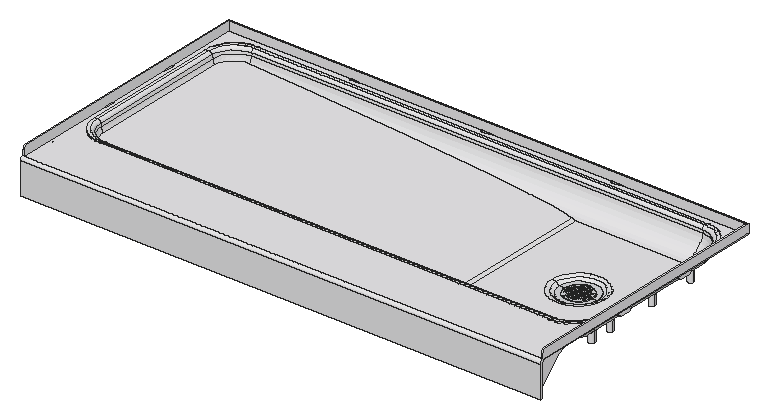
Revit family "Shower-Base-STERLING-Ensemble-72171120_1", category Plumbing Fixtures, host Face, Revit 2017
Family settings
  Host = Face
  Round Connector Dimension = Use Diameter
  Part Type = Normal
  OmniClass Number = 23.31.17.15
  OmniClass Title = Shower Enclosure Bases
  Cut with Voids When Loaded = No
  Shared = No
  Room Calculation Point = No
Parameters (values of type "0-White")
  Width = 30"  # constant formula
  WaterSense Certified = 1 = 0  # no
  Waste Water Outlet = "Waste Water Outlet"  # constant formula
  Waste Connection = 1 = 1  # yes
  Vent Connection = 1 = 0  # no
  URL = "https://www.sterlingplumbing.com/"
  Type = 1
  Product Page URL = "http://www.sterlingplumbing.com/detail?productNumber=72171120"
  Product Name = "Ensemble"  # constant formula
  Product Documentation Link = "https://resources.kohler.com/plumbing/sterling/pdf/72171120_spec.pdf"
  Pressure = 0.00 psi
  Model = if(Type = 1, "72171120-0", if(Type = 2, "72171120-96", "NA"))  # "72171120-0"
  Material = "Vikrell"  # constant formula
  Master Format 2014 Name = "Residential Showers"  # constant formula
  Master Format 2014 = "22 42 23"  # constant formula
  Manufacturer Address = "444 Highland Dr, Kohler, WI 53044"  # constant formula
  Manufacturer = "STERLING Co."  # constant formula
  Length = 60"  # constant formula
  Hot Water Inlet = "Hot Water Inlet"  # constant formula
  Height = 5"  # constant formula
  HW Connection = 1 = 0  # no
  Flow Rate = 0 GPM
  Finish = Sterling-Vikrell-0-White
  Environmental Product Declaration = ""
  Drain Included = 1 = 0  # no
  Description = "Series 7217, 60 inch x 30 inch Shower Base With Right-Hand Drain "  # constant formula
  Default Elevation = 0"
  Declare Label = ""
  Date Modified = "06/25/2020"  # constant formula
  Date Created = "06/25/2020"  # constant formula
  Copyright = "Copyright STERLING Co."  # constant formula
  Contact Us = "https://www.sterlingplumbing.com/contact-us"
  Cold Water Inlet = "Cold Water Inlet"  # constant formula
  CW Connection = 1 = 0  # no
  Assembly Code = "D2010700"
  ADA Compliant = 1 = 0  # no
Reference planes (in)
  plane 1 "Center (Front/Back)": y = 0
  plane 2: z = 0
  plane 3 "Center (Left/Right)": x = 0
  plane 4: y = 15
  plane 5: y = -15
  plane 6: x = -30
  plane 7: x = 30
  plane 8: z = 4
  plane 9: z = 5
  plane 10: x = 21.5
  plane 11: y = 1.125
Dimensions and locks (in)
  "Width": plane 4 to plane 5
  "Length": plane 6 to plane 7
  locked: plane 8 to level at 4
  "Height": plane 9 to level
  locked: plane 7 to plane 10 at 8.5
  locked: plane 4 to plane 11 at 13.875
  aligned and locked: plane 2 to host face
  aligned and locked: level to host face
Automatic sketch dimensions
  host sketch curve to host sketch curve = 96"  (x2)
Nested families (in)
  nested 1: "72171120" at (0, 1.16372, 0), type "72171120"
Connectors (in)
  piping at (21.5, 1.125, 0.12547), diameter 2, driven by "Waste Connection", driven by "Waste Water Outlet"
    settings: on nested 1, index 1, connector inside diameter 24", connector length 0", flow factor 0, pipe flow 0 GPM, pressure drop 0.00 psi, fitting loss kfactor 0, connector angle 0.00°, fixture units 0, engagement length 0", angle of deflection 0.00°, flow configuration 0, flow direction 2, fitting loss method 0, system type 16, joint type 0, gender type 0, connector reference index -1, connector utility 1, adjustable connector no, is connector primary yes, connector description "Waste Water Outlet"
Definition of nested family "72171120"
  Parameters (values of type "72171120")
    Material = none
  Reference planes (in)
    plane 1 "Center (Front/Back)": y = 0
    plane 2: z = 0
    plane 3 "Center (Left/Right)": x = 0
    plane 4: z = 5
    plane 5: x = -30
    plane 6: x = 30
    plane 7: y = 13.83628
    plane 8: y = -16.16372
    plane 9: x = 21.5
    plane 10: z = 4
    plane 11 "A": y = -0.03872
    plane 12: y = -1.16372
  Forms (in)
    Sweep 1, solid, material <- "Material", detail levels medium+fine
      path origin (0, 0, 0) x (1, 0, 0) y (0, 1, 0)
        loop
          line (30, -15.73129) -> (30, 13.83628) -> (-30, 13.83628) -> (-30, -15.85153)
      profile origin (0, 13.83628, 0) x (0, 1, 0) y (0, 0, 1)
        loop
          line (0, 3.97541) -> (0, 5) -> (-0.14645, 5) -> (-0.18146, 4) -> (-0.43146, 4) -> (-0.43146, 3.83479) -> (-0.14063, 3.83479)
          arc (-0.14063, 3.83479) -> (-0.04119, 3.87598) -> (0, 3.97541) r 0.14063
    Sweep 2, solid, material <- "Material", detail levels medium+fine
      path origin (0, 0, 0) x (1, 0, 0) y (0, 1, 0)
        loop
          arc (-28.89925, -6.36795) -> (-28.04985, -8.41856) -> (-25.99925, -9.26795) r 2.9
          line (-25.99925, -9.26795) -> (25.98884, -9.26795)
          arc (25.98884, -9.26795) -> (28.03945, -8.41856) -> (28.88884, -6.36795) r 2.9
          line (28.88884, -6.36795) -> (28.88884, 9.70554)
          arc (28.88884, 9.70554) -> (28.03945, 11.75615) -> (25.98884, 12.60554) r 2.9
          line (25.98884, 12.60554) -> (-25.99925, 12.60554)
          arc (-25.99925, 12.60554) -> (-28.04985, 11.75615) -> (-28.89925, 9.70554) r 2.9
          line (-28.89925, 9.70554) -> (-28.89925, -6.36795)
      profile origin (-28.89925, 1.6688, 0) x (-1, 0, 0) y (0, 0, 1)
        loop
          line (0.4232, 4) -> (0.38324, 4)
          arc (0.38324, 4) -> (0.36519, 3.99977) -> (0.34715, 3.99909) r 0.71208
          line (0.34715, 3.99909) -> (0.02333, 3.98265)
          arc (0.02333, 3.98265) -> (-0.20829, 3.88824) -> (-0.33061, 3.67006) r 0.37891
          line (-0.33061, 3.67006) -> (-0.38519, 3.36063)
          arc (-0.38519, 3.36063) -> (-1.24028, 1.87975) -> (-2.84718, 1.29492) r 2.5
          line (-2.84718, 1.29492) -> (-2.8815, 1.29492) -> (-2.8815, 1.11914) -> (-2.7, 1.11914)
          arc (-2.7, 1.11914) -> (-1.09196, 1.70493) -> (-0.23749, 3.18778) r 2.5
          line (-0.23749, 3.18778) -> (-0.15973, 3.63171)
          arc (-0.15973, 3.63171) -> (-0.08664, 3.76235) -> (0.05195, 3.81889) r 0.22656
          line (0.05195, 3.81889) -> (0.34559, 3.83379)
          arc (0.34559, 3.83379) -> (0.36519, 3.83454) -> (0.3848, 3.83479) r 0.77359
          line (0.3848, 3.83479) -> (0.4232, 3.83479) -> (0.4232, 4)
    Extrusion 3, solid, material <- "Material", detail levels medium+fine
      sketch origin (0, 0, 0) x (1, 0, 0) y (0, 1, 0)
        loop
          line (29.56854, 13.40482) -> (-29.56854, 13.40482) -> (-29.56854, -15.73129) -> (29.56854, -15.73129) -> (29.56854, 13.40482)
        loop
          line (25.98884, 13.02875) -> (-25.99925, 13.02875)
          arc (-25.99925, 13.02875) -> (-28.34911, 12.0554) -> (-29.32245, 9.70554) r 3.3232
          line (-29.32245, 9.70554) -> (-29.32245, -6.36795)
          arc (-29.32245, -6.36795) -> (-28.34911, -8.71781) -> (-25.99925, -9.69115) r 3.3232
          line (-25.99925, -9.69115) -> (25.98884, -9.69115)
          arc (25.98884, -9.69115) -> (28.3387, -8.71781) -> (29.31204, -6.36795) r 3.3232
          line (29.31204, -6.36795) -> (29.31204, 9.70554)
          arc (29.31204, 9.70554) -> (28.3387, 12.0554) -> (25.98884, 13.02875) r 3.3232
      from 3.83479 to 4
    Extrusion 4, solid, material <- "Material", detail levels medium+fine
      sketch origin (0, 0, 0) x (1, 0, 0) y (0, 0, 1)
        loop
          line (-28.65763, 2.77832) -> (-28.65763, 1.18449) -> (13.3306, 1.18449) -> (13.3306, 1.29492)
          arc (13.3306, 1.29492) -> (13.05316, 1.29738) -> (12.7758, 1.30478) r 15.60985
          line (12.7758, 1.30478) -> (-28.65763, 2.77832)
      from -12.49045 to 12.42499
    Extrusion 5, solid, material <- "Material", detail levels medium+fine
      sketch origin (0, 0, 0) x (1, 0, 0) y (0, 1, 0)
        loop
          line (-26.01774, 9.72404) -> (-26.01774, -6.38645) -> (26.00734, -6.38645) -> (26.00734, 9.72404) -> (-26.01774, 9.72404)
      from 1.11914 to 1.29492
    Sweep 6, void
      path origin (0, 0, 0) x (1, 0, 0) y (0, 1, 0)
        loop
          arc (-28.89925, -6.36795) -> (-28.04985, -8.41856) -> (-25.99925, -9.26795) r 2.9
          line (-25.99925, -9.26795) -> (25.98884, -9.26795)
          arc (25.98884, -9.26795) -> (28.03945, -8.41856) -> (28.88884, -6.36795) r 2.9
          line (28.88884, -6.36795) -> (28.88884, 9.70554)
          arc (28.88884, 9.70554) -> (28.03945, 11.75615) -> (25.98884, 12.60554) r 2.9
          line (25.98884, 12.60554) -> (-25.99925, 12.60554)
          arc (-25.99925, 12.60554) -> (-28.04985, 11.75615) -> (-28.89925, 9.70554) r 2.9
          line (-28.89925, 9.70554) -> (-28.89925, -6.36795)
      profile origin (-28.89925, 1.6688, 0) x (-1, 0, 0) y (0, 0, 1)
        loop
          line (-2.34361, 1.18449) -> (1.0625, 1.18449) -> (1.0625, 2.97391) -> (-0.28853, 2.97391)
          arc (-0.28853, 2.97391) -> (-1.08753, 1.81672) -> (-2.34361, 1.18449) r 2.84095
    Extrusion 7, solid, material <- "Material", detail levels medium+fine
      sketch origin (0, 0, 0) x (0, 1, 0) y (0, 0, 1)
        loop
          line (-15.73129, 4) -> (-15.76203, 4)
          arc (-15.76203, 4) -> (-16.04607, 3.88235) -> (-16.16372, 3.59831) r 0.40169
          line (-16.16372, 3.59831) -> (-16.16372, 0) -> (-15.99966, 0) -> (-15.99966, 3.60908)
          arc (-15.99966, 3.60908) -> (-15.93355, 3.76868) -> (-15.77395, 3.83479) r 0.22571
          line (-15.77395, 3.83479) -> (-15.73129, 3.83479) -> (-15.73129, 4)
      from -30 to 30
    Extrusion 8, void
      sketch origin (0, 0, 0) x (0, 1, 0) y (0, 0, 1)
        loop
          line (-15.73129, 3.98869) -> (-15.73129, 4.58714)
          arc (-15.73129, 4.58714) -> (-15.61036, 4.87908) -> (-15.31843, 5) r 0.41286
          line (-15.31843, 5) -> (-15.31843, 5.25) -> (-15.98309, 5.25) -> (-15.98309, 3.98869) -> (-15.73129, 3.98869)
      from -30.20558 to -29.56854
    Extrusion 9, void
      sketch origin (0, 0, 0) x (0, 1, 0) y (0, 0, -1)
        loop
          line (-15.73129, -4) -> (-15.98309, -4) -> (-15.98309, -5.25) -> (-15.31843, -5.25) -> (-15.31843, -5)
          arc (-15.31843, -5) -> (-15.61036, -4.87908) -> (-15.73129, -4.58714) r 0.41286
          line (-15.73129, -4.58714) -> (-15.73129, -4)
      from -30.20558 to -29.56854
    Revolve 10, solid, detail levels medium+fine
      sketch origin (0, -0.03872, 0) x (-1, 0, 0) y (0, 0, 1)
        loop
          line (-21.5, 0.9598) -> (-21.5, 0.9098) -> (-19.922, 0.9098) -> (-19.922, 0.9598) -> (-21.5, 0.9598)
        loop
          line (-19.90625, 0.6432) -> (-21.5, 0.6432) -> (-21.5, 0.61108) -> (-19.85241, 0.61108) -> (-19.85241, 0.82149) -> (-19.30469, 0.92796) -> (-19.30469, 0.9598) -> (-19.90625, 0.9598) -> (-19.90625, 0.6432)
        axis (-21.5, 0.9598) -> (-21.5, 0.61108)
      angle from 0 to 360
    Revolve 11, solid, material <- "Material", detail levels medium+fine
      sketch origin (0, -0.03872, 0) x (-1, 0, 0) y (0, 0, 1)
        loop
          line (-19.90698, 0) -> (-19.90698, 0.28027) -> (-19.42268, 0.28027)
          arc (-19.42268, 0.28027) -> (-19.34362, 0.29599) -> (-19.2766, 0.34078) r 0.20659
          line (-19.2766, 0.34078) -> (-19.11646, 0.50091)
          arc (-19.11646, 0.50091) -> (-19.08108, 0.52455) -> (-19.03934, 0.53286) r 0.10906
          line (-19.03934, 0.53286) -> (-18.8925, 0.53286)
          arc (-18.8925, 0.53286) -> (-18.85224, 0.54851) -> (-18.83313, 0.58726) r 0.05959
          line (-18.83313, 0.58726) -> (-18.79668, 1.0039)
          arc (-18.79668, 1.0039) -> (-18.7562, 1.08597) -> (-18.67092, 1.11914) r 0.12624
          line (-18.67092, 1.11914) -> (-21.5, 1.11914) -> (-21.5, 0.12547) -> (-20.5, 0.12547) -> (-20.5, 0) -> (-19.90698, 0)
        axis (-21.5, 1.11914) -> (-21.5, 0)
      angle from 0 to 360
    Revolve 12, void
      sketch origin (0, -0.03872, 0) x (-1, 0, 0) y (0, 0, 1)
        loop
          line (-21.5, 0.54492) -> (-20.19802, 0.54492)
          arc (-20.19802, 0.54492) -> (-19.9431, 0.57961) -> (-19.70672, 0.68117) r 0.95391
          line (-19.70672, 0.68117) -> (-18.90008, 1.16584)
          arc (-18.90008, 1.16584) -> (-18.67615, 1.26205) -> (-18.43466, 1.29492) r 0.90367
          line (-18.43466, 1.29492) -> (-21.5, 1.29492) -> (-21.5, 0.54492)
        axis (-21.5, 0.54492) -> (-21.5, 1.29492)
      angle from 0 to 360
    Extrusion 13, void
      sketch origin (0, 0, 0) x (1, 0, 0) y (0, 1, 0)
        loop
          arc (21.3, 0.30503) -> (21.31464, 0.26968) -> (21.35, 0.25503) r 0.05
          line (21.35, 0.25503) -> (21.65, 0.25503)
          arc (21.65, 0.25503) -> (21.68536, 0.26968) -> (21.7, 0.30503) r 0.05
          line (21.7, 0.30503) -> (21.7, 0.61103)
          arc (21.7, 0.61103) -> (21.68536, 0.64639) -> (21.65, 0.66103) r 0.05
          line (21.65, 0.66103) -> (21.35, 0.66103)
          arc (21.35, 0.66103) -> (21.31464, 0.64639) -> (21.3, 0.61103) r 0.05
          line (21.3, 0.61103) -> (21.3, 0.30503)
        loop
          arc (21.3, -0.19172) -> (21.31464, -0.22707) -> (21.35, -0.24172) r 0.05
          line (21.35, -0.24172) -> (21.65, -0.24172)
          arc (21.65, -0.24172) -> (21.68536, -0.22707) -> (21.7, -0.19172) r 0.05
          line (21.7, -0.19172) -> (21.7, 0.11428)
          arc (21.7, 0.11428) -> (21.68536, 0.14964) -> (21.65, 0.16428) r 0.05
          line (21.65, 0.16428) -> (21.35, 0.16428)
          arc (21.35, 0.16428) -> (21.31464, 0.14964) -> (21.3, 0.11428) r 0.05
          line (21.3, 0.11428) -> (21.3, -0.19172)
        loop
          arc (21.844, 0.66103) -> (21.80864, 0.64639) -> (21.794, 0.61103) r 0.05
          line (21.794, 0.61103) -> (21.794, 0.30503)
          arc (21.794, 0.30503) -> (21.80864, 0.26968) -> (21.844, 0.25503) r 0.05
          line (21.844, 0.25503) -> (22.15, 0.25503)
          arc (22.15, 0.25503) -> (22.18536, 0.26968) -> (22.2, 0.30503) r 0.05
          line (22.2, 0.30503) -> (22.2, 0.61103)
          arc (22.2, 0.61103) -> (22.18536, 0.64639) -> (22.15, 0.66103) r 0.05
          line (22.15, 0.66103) -> (21.844, 0.66103)
        loop
          arc (22.15, 0.75478) -> (22.18536, 0.76943) -> (22.2, 0.80478) r 0.05
          line (22.2, 0.80478) -> (22.2, 1.11103)
          arc (22.2, 1.11103) -> (22.18536, 1.14639) -> (22.15, 1.16103) r 0.05
          line (22.15, 1.16103) -> (21.84375, 1.16103)
          arc (21.84375, 1.16103) -> (21.80839, 1.14639) -> (21.79375, 1.11103) r 0.05
          line (21.79375, 1.11103) -> (21.79375, 0.80478)
          arc (21.79375, 0.80478) -> (21.80839, 0.76943) -> (21.84375, 0.75478) r 0.05
          line (21.84375, 0.75478) -> (22.15, 0.75478)
        loop
          line (21.156, 0.66103) -> (20.85, 0.66103)
          arc (20.85, 0.66103) -> (20.81464, 0.64639) -> (20.8, 0.61103) r 0.05
          line (20.8, 0.61103) -> (20.8, 0.30503)
          arc (20.8, 0.30503) -> (20.81464, 0.26968) -> (20.85, 0.25503) r 0.05
          line (20.85, 0.25503) -> (21.156, 0.25503)
          arc (21.156, 0.25503) -> (21.19136, 0.26968) -> (21.206, 0.30503) r 0.05
          line (21.206, 0.30503) -> (21.206, 0.61103)
          arc (21.206, 0.61103) -> (21.19136, 0.64639) -> (21.156, 0.66103) r 0.05
        loop
          line (20.85, 0.75478) -> (21.15625, 0.75478)
          arc (21.15625, 0.75478) -> (21.19161, 0.76943) -> (21.20625, 0.80478) r 0.05
          line (21.20625, 0.80478) -> (21.20625, 1.11103)
          arc (21.20625, 1.11103) -> (21.19161, 1.14639) -> (21.15625, 1.16103) r 0.05
          line (21.15625, 1.16103) -> (20.85, 1.16103)
          arc (20.85, 1.16103) -> (20.81464, 1.14639) -> (20.8, 1.11103) r 0.05
          line (20.8, 1.11103) -> (20.8, 0.80478)
          arc (20.8, 0.80478) -> (20.81464, 0.76943) -> (20.85, 0.75478) r 0.05
        loop
          arc (21.844, 0.16428) -> (21.80864, 0.14964) -> (21.794, 0.11428) r 0.05
          line (21.794, 0.11428) -> (21.794, -0.19172)
          arc (21.794, -0.19172) -> (21.80864, -0.22707) -> (21.844, -0.24172) r 0.05
          line (21.844, -0.24172) -> (22.15, -0.24172)
          arc (22.15, -0.24172) -> (22.18536, -0.22707) -> (22.2, -0.19172) r 0.05
          line (22.2, -0.19172) -> (22.2, 0.11428)
          arc (22.2, 0.11428) -> (22.18536, 0.14964) -> (22.15, 0.16428) r 0.05
          line (22.15, 0.16428) -> (21.844, 0.16428)
        loop
          line (21.156, 0.16428) -> (20.85, 0.16428)
          arc (20.85, 0.16428) -> (20.81464, 0.14964) -> (20.8, 0.11428) r 0.05
          line (20.8, 0.11428) -> (20.8, -0.19172)
          arc (20.8, -0.19172) -> (20.81464, -0.22707) -> (20.85, -0.24172) r 0.05
          line (20.85, -0.24172) -> (21.156, -0.24172)
          arc (21.156, -0.24172) -> (21.19136, -0.22707) -> (21.206, -0.19172) r 0.05
          line (21.206, -0.19172) -> (21.206, 0.11428)
          arc (21.206, 0.11428) -> (21.19136, 0.14964) -> (21.156, 0.16428) r 0.05
        loop
          line (21.3, -0.38247) -> (21.3, -0.68847)
          arc (21.3, -0.68847) -> (21.31464, -0.72382) -> (21.35, -0.73847) r 0.05
          line (21.35, -0.73847) -> (21.65, -0.73847)
          arc (21.65, -0.73847) -> (21.68536, -0.72382) -> (21.7, -0.68847) r 0.05
          line (21.7, -0.68847) -> (21.7, -0.38247)
          arc (21.7, -0.38247) -> (21.68536, -0.34711) -> (21.65, -0.33247) r 0.05
          line (21.65, -0.33247) -> (21.35, -0.33247)
          arc (21.35, -0.33247) -> (21.31464, -0.34711) -> (21.3, -0.38247) r 0.05
        loop
          line (21.844, -0.73847) -> (22.15, -0.73847)
          arc (22.15, -0.73847) -> (22.18536, -0.72382) -> (22.2, -0.68847) r 0.05
          line (22.2, -0.68847) -> (22.2, -0.38247)
          arc (22.2, -0.38247) -> (22.18536, -0.34711) -> (22.15, -0.33247) r 0.05
          line (22.15, -0.33247) -> (21.844, -0.33247)
          arc (21.844, -0.33247) -> (21.80864, -0.34711) -> (21.794, -0.38247) r 0.05
          line (21.794, -0.38247) -> (21.794, -0.68847)
          arc (21.794, -0.68847) -> (21.80864, -0.72382) -> (21.844, -0.73847) r 0.05
        loop
          line (22.15, -0.83222) -> (21.84375, -0.83222)
          arc (21.84375, -0.83222) -> (21.80839, -0.84686) -> (21.79375, -0.88222) r 0.05
          line (21.79375, -0.88222) -> (21.79375, -1.18847)
          arc (21.79375, -1.18847) -> (21.80839, -1.22382) -> (21.84375, -1.23847) r 0.05
          line (21.84375, -1.23847) -> (22.15, -1.23847)
          arc (22.15, -1.23847) -> (22.18536, -1.22382) -> (22.2, -1.18847) r 0.05
          line (22.2, -1.18847) -> (22.2, -0.88222)
          arc (22.2, -0.88222) -> (22.18536, -0.84686) -> (22.15, -0.83222) r 0.05
        loop
          arc (21.156, -0.73847) -> (21.19136, -0.72382) -> (21.206, -0.68847) r 0.05
          line (21.206, -0.68847) -> (21.206, -0.38247)
          arc (21.206, -0.38247) -> (21.19136, -0.34711) -> (21.156, -0.33247) r 0.05
          line (21.156, -0.33247) -> (20.85, -0.33247)
          arc (20.85, -0.33247) -> (20.81464, -0.34711) -> (20.8, -0.38247) r 0.05
          line (20.8, -0.38247) -> (20.8, -0.68847)
          arc (20.8, -0.68847) -> (20.81464, -0.72382) -> (20.85, -0.73847) r 0.05
          line (20.85, -0.73847) -> (21.156, -0.73847)
        loop
          arc (20.85, -0.83222) -> (20.81464, -0.84686) -> (20.8, -0.88222) r 0.05
          line (20.8, -0.88222) -> (20.8, -1.18847)
          arc (20.8, -1.18847) -> (20.81464, -1.22382) -> (20.85, -1.23847) r 0.05
          line (20.85, -1.23847) -> (21.15625, -1.23847)
          arc (21.15625, -1.23847) -> (21.19161, -1.22382) -> (21.20625, -1.18847) r 0.05
          line (21.20625, -1.18847) -> (21.20625, -0.88222)
          arc (21.20625, -0.88222) -> (21.19161, -0.84686) -> (21.15625, -0.83222) r 0.05
          line (21.15625, -0.83222) -> (20.85, -0.83222)
        loop
          arc (20.65625, 0.25503) -> (20.69161, 0.26968) -> (20.70625, 0.30503) r 0.05
          line (20.70625, 0.30503) -> (20.70625, 0.61103)
          arc (20.70625, 0.61103) -> (20.69161, 0.64639) -> (20.65625, 0.66103) r 0.05
          line (20.65625, 0.66103) -> (20.35025, 0.66103)
          arc (20.35025, 0.66103) -> (20.31489, 0.64639) -> (20.30025, 0.61103) r 0.05
          line (20.30025, 0.61103) -> (20.30025, 0.30503)
          arc (20.30025, 0.30503) -> (20.31489, 0.26968) -> (20.35025, 0.25503) r 0.05
          line (20.35025, 0.25503) -> (20.65625, 0.25503)
        loop
          line (20.65625, -0.33247) -> (20.35025, -0.33247)
          arc (20.35025, -0.33247) -> (20.31489, -0.34711) -> (20.30025, -0.38247) r 0.05
          line (20.30025, -0.38247) -> (20.30025, -0.68847)
          arc (20.30025, -0.68847) -> (20.31489, -0.72382) -> (20.35025, -0.73847) r 0.05
          line (20.35025, -0.73847) -> (20.65625, -0.73847)
          arc (20.65625, -0.73847) -> (20.69161, -0.72382) -> (20.70625, -0.68847) r 0.05
          line (20.70625, -0.68847) -> (20.70625, -0.38247)
          arc (20.70625, -0.38247) -> (20.69161, -0.34711) -> (20.65625, -0.33247) r 0.05
        loop
          line (22.34375, 0.25503) -> (22.64975, 0.25503)
          arc (22.64975, 0.25503) -> (22.68511, 0.26968) -> (22.69975, 0.30503) r 0.05
          line (22.69975, 0.30503) -> (22.69975, 0.61103)
          arc (22.69975, 0.61103) -> (22.68511, 0.64639) -> (22.64975, 0.66103) r 0.05
          line (22.64975, 0.66103) -> (22.34375, 0.66103)
          arc (22.34375, 0.66103) -> (22.30839, 0.64639) -> (22.29375, 0.61103) r 0.05
          line (22.29375, 0.61103) -> (22.29375, 0.30503)
          arc (22.29375, 0.30503) -> (22.30839, 0.26968) -> (22.34375, 0.25503) r 0.05
        loop
          arc (22.34375, -0.33247) -> (22.30839, -0.34711) -> (22.29375, -0.38247) r 0.05
          line (22.29375, -0.38247) -> (22.29375, -0.68847)
          arc (22.29375, -0.68847) -> (22.30839, -0.72382) -> (22.34375, -0.73847) r 0.05
          line (22.34375, -0.73847) -> (22.64975, -0.73847)
          arc (22.64975, -0.73847) -> (22.68511, -0.72382) -> (22.69975, -0.68847) r 0.05
          line (22.69975, -0.68847) -> (22.69975, -0.38247)
          arc (22.69975, -0.38247) -> (22.68511, -0.34711) -> (22.64975, -0.33247) r 0.05
          line (22.64975, -0.33247) -> (22.34375, -0.33247)
        loop
          arc (21.7, 1.11103) -> (21.67787, 1.15404) -> (21.63, 1.16103) r 0.05286
          line (21.63, 1.16103) -> (21.63, 1.41103) -> (21.37, 1.41103) -> (21.37, 1.16103)
          arc (21.37, 1.16103) -> (21.32213, 1.15404) -> (21.3, 1.11103) r 0.05286
          line (21.3, 1.11103) -> (21.3, 0.80103)
          arc (21.3, 0.80103) -> (21.31464, 0.76568) -> (21.35, 0.75103) r 0.05
          line (21.35, 0.75103) -> (21.65, 0.75103)
          arc (21.65, 0.75103) -> (21.68536, 0.76568) -> (21.7, 0.80103) r 0.05
          line (21.7, 0.80103) -> (21.7, 1.11103)
        loop
          line (21.7, -1.18847) -> (21.7, -0.87847)
          arc (21.7, -0.87847) -> (21.68536, -0.84311) -> (21.65, -0.82847) r 0.05
          line (21.65, -0.82847) -> (21.35, -0.82847)
          arc (21.35, -0.82847) -> (21.31464, -0.84311) -> (21.3, -0.87847) r 0.05
          line (21.3, -0.87847) -> (21.3, -1.18847)
          arc (21.3, -1.18847) -> (21.32213, -1.23148) -> (21.37, -1.23847) r 0.05286
          line (21.37, -1.23847) -> (21.37, -1.48847) -> (21.63, -1.48847) -> (21.63, -1.23847)
          arc (21.63, -1.23847) -> (21.67787, -1.23148) -> (21.7, -1.18847) r 0.05286
        loop
          arc (20.35025, 0.16128) -> (20.30724, 0.13915) -> (20.30025, 0.09128) r 0.05286
          line (20.30025, 0.09128) -> (20.05025, 0.09128) -> (20.05025, -0.16872) -> (20.30025, -0.16872)
          arc (20.30025, -0.16872) -> (20.30724, -0.21658) -> (20.35025, -0.23872) r 0.05286
          line (20.35025, -0.23872) -> (20.66025, -0.23872)
          arc (20.66025, -0.23872) -> (20.69561, -0.22407) -> (20.71025, -0.18872) r 0.05
          line (20.71025, -0.18872) -> (20.71025, 0.11128)
          arc (20.71025, 0.11128) -> (20.69561, 0.14664) -> (20.66025, 0.16128) r 0.05
          line (20.66025, 0.16128) -> (20.35025, 0.16128)
        loop
          line (22.64975, 0.16128) -> (22.33975, 0.16128)
          arc (22.33975, 0.16128) -> (22.30439, 0.14664) -> (22.28975, 0.11128) r 0.05
          line (22.28975, 0.11128) -> (22.28975, -0.18872)
          arc (22.28975, -0.18872) -> (22.30439, -0.22407) -> (22.33975, -0.23872) r 0.05
          line (22.33975, -0.23872) -> (22.64975, -0.23872)
          arc (22.64975, -0.23872) -> (22.69276, -0.21658) -> (22.69975, -0.16872) r 0.05286
          line (22.69975, -0.16872) -> (22.94975, -0.16872) -> (22.94975, 0.09128) -> (22.69975, 0.09128)
          arc (22.69975, 0.09128) -> (22.69276, 0.13915) -> (22.64975, 0.16128) r 0.05286
      from 0.85419 to 1.01463
    Extrusion 14, solid, material <- "Material", detail levels medium+fine
      sketch origin (0, 0, 0) x (1, 0, 0) y (0, 1, 0)
        loop
          circle (-26.62447, 9.37522) r 0.31721
        loop
          circle (-26.62447, 1.87522) r 0.31721
        loop
          circle (-26.62447, -0.875) r 0.31721
        loop
          circle (-26.62447, -6.49659) r 0.31721
        loop
          circle (-21.01978, -4.90608) r 0.31721
        loop
          circle (-21.01978, -2.24368) r 0.31721
        loop
          circle (-21.01978, 3.80616) r 0.31721
        loop
          circle (-21.01978, 9.36551) r 0.31721
        loop
          circle (-14.99947, 9.37522) r 0.31721
        loop
          circle (-14.99947, 1.87522) r 0.31721
        loop
          circle (-14.99947, -0.875) r 0.31721
        loop
          circle (-14.99947, -6.49659) r 0.31721
        loop
          circle (-9.01978, -4.90608) r 0.31721
        loop
          circle (-9.01978, -2.24368) r 0.31721
        loop
          circle (-9.01978, 3.80616) r 0.31721
        loop
          circle (-9.01978, 9.36551) r 0.31721
        loop
          circle (-2.99947, 9.37522) r 0.31721
        loop
          circle (-2.99947, 1.87522) r 0.31721
        loop
          circle (-2.99947, -0.875) r 0.31721
        loop
          circle (-2.99947, -6.49659) r 0.31721
        loop
          circle (2.98022, -4.90608) r 0.31721
        loop
          circle (2.98022, -2.24368) r 0.31721
        loop
          circle (2.98022, 3.80616) r 0.31721
        loop
          circle (2.98022, 9.36551) r 0.31721
        loop
          circle (9.00053, 9.37522) r 0.31721
        loop
          circle (9.00053, 1.87522) r 0.31721
        loop
          circle (9.00053, -0.875) r 0.31721
        loop
          circle (9.00053, -6.49659) r 0.31721
        loop
          circle (14.98022, -4.90608) r 0.31721
        loop
          circle (14.98022, -2.24368) r 0.31721
        loop
          circle (14.98022, 3.80616) r 0.31721
        loop
          circle (14.98022, 9.36551) r 0.31721
        loop
          circle (20.93597, 3.80616) r 0.31721
        loop
          circle (20.93597, 9.36551) r 0.31721
        loop
          circle (26.93597, -4.90608) r 0.31721
        loop
          circle (26.93597, -2.24368) r 0.31721
        loop
          circle (26.93597, 3.80616) r 0.31721
        loop
          circle (26.93597, 9.36551) r 0.31721
        loop
          circle (20.9313, -6.49659) r 0.31721
      from 0 to 1.25801
    Extrusion 15, solid, material <- "Material", detail levels medium+fine
      sketch origin (0, 0, 0) x (0, 1, 0) y (0, 0, 1)
        loop
          line (-15.99966, 0.45336) -> (-13.70645, 2.74655)
          arc (-13.70645, 2.74655) -> (-12.78117, 3.4368) -> (-11.69757, 3.83479) r 4.00919
          line (-11.69757, 3.83479) -> (-15.77395, 3.83479)
          arc (-15.77395, 3.83479) -> (-15.93355, 3.76868) -> (-15.99966, 3.60908) r 0.22571
          line (-15.99966, 3.60908) -> (-15.99966, 0.45336)
      from -29.68168 to -29.55668
    Extrusion 16, solid, material <- "Material", detail levels medium+fine
      sketch origin (0, 0, 0) x (0, 1, 0) y (0, 0, -1)
        loop
          line (-15.99966, -0.45336) -> (-15.99966, -3.60908)
          arc (-15.99966, -3.60908) -> (-15.93355, -3.76868) -> (-15.77395, -3.83479) r 0.22571
          line (-15.77395, -3.83479) -> (-11.69757, -3.83479)
          arc (-11.69757, -3.83479) -> (-12.78117, -3.4368) -> (-13.70645, -2.74655) r 4.00919
          line (-13.70645, -2.74655) -> (-15.99966, -0.45336)
      from -29.68168 to -29.55668
    Extrusion 17, solid, material <- "Material", detail levels medium+fine
      sketch origin (0, 0, 0) x (0, 1, 0) y (0, 0, 1)
        loop
          arc (-13.48527, 3.15108) -> (-12.73261, 3.00151) -> (-12.09431, 2.57553) r 1.96858
          line (-12.09431, 2.57553) -> (-12.39263, 3.83479) -> (-15.77395, 3.83479)
          arc (-15.77395, 3.83479) -> (-15.93355, 3.76868) -> (-15.99966, 3.60908) r 0.22571
          line (-15.99966, 3.60908) -> (-15.99966, 2.65108)
          arc (-15.99966, 2.65108) -> (-15.85321, 3.00464) -> (-15.49966, 3.15108) r 0.5
          line (-15.49966, 3.15108) -> (-13.48527, 3.15108)
      from 26.98498 to 26.88135
    Extrusion 18, solid, material <- "Material", detail levels medium+fine
      sketch origin (43, 0, 0) x (0, 1, 0) y (0, 0, -1)
        loop
          line (-13.48527, -3.15108) -> (-15.49966, -3.15108)
          arc (-15.49966, -3.15108) -> (-15.85321, -3.00464) -> (-15.99966, -2.65108) r 0.5
          line (-15.99966, -2.65108) -> (-15.99966, -3.5791)
          arc (-15.99966, -3.5791) -> (-15.93355, -3.73869) -> (-15.77395, -3.8048) r 0.22571
          line (-15.77395, -3.8048) -> (-12.38553, -3.8048) -> (-12.09431, -2.57553)
          arc (-12.09431, -2.57553) -> (-12.73261, -3.00151) -> (-13.48527, -3.15108) r 1.96858
      from 18.11856 to 18.01864
    Extrusion 19, solid, material <- "Material", detail levels medium+fine
      sketch origin (0, 0, 0) x (0, 1, 0) y (0, 0, 1)
        loop
          arc (-13.48527, 3.15108) -> (-12.73261, 3.00151) -> (-12.09431, 2.57553) r 1.96858
          line (-12.09431, 2.57553) -> (-12.38553, 3.8048) -> (-15.77395, 3.8048)
          arc (-15.77395, 3.8048) -> (-15.93355, 3.73869) -> (-15.99966, 3.5791) r 0.22571
          line (-15.99966, 3.5791) -> (-15.99966, 2.65108)
          arc (-15.99966, 2.65108) -> (-15.85321, 3.00464) -> (-15.49966, 3.15108) r 0.5
          line (-15.49966, 3.15108) -> (-13.48527, 3.15108)
      from 20.98839 to 20.88855
    Extrusion 20, solid, material <- "Material", detail levels medium+fine
      sketch origin (33.99088, 0, 0) x (0, 1, 0) y (0, 0, -1)
        loop
          line (-13.48527, -3.15108) -> (-15.49966, -3.15108)
          arc (-15.49966, -3.15108) -> (-15.85321, -3.00464) -> (-15.99966, -2.65108) r 0.5
          line (-15.99966, -2.65108) -> (-15.99966, -3.5791)
          arc (-15.99966, -3.5791) -> (-15.93355, -3.73869) -> (-15.77395, -3.8048) r 0.22571
          line (-15.77395, -3.8048) -> (-12.38553, -3.8048) -> (-12.09431, -2.57553)
          arc (-12.09431, -2.57553) -> (-12.73261, -3.00151) -> (-13.48527, -3.15108) r 1.96858
      from 16.99544 to 17.09528
    Extrusion 21, solid, material <- "Material", detail levels medium+fine
      sketch origin (-4.19257, 0, 0) x (0, 1, 0) y (0, 0, 1)
        loop
          arc (-13.48527, 3.15108) -> (-12.73261, 3.00151) -> (-12.09431, 2.57553) r 1.96858
          line (-12.09431, 2.57553) -> (-12.38553, 3.8048) -> (-15.77395, 3.8048)
          arc (-15.77395, 3.8048) -> (-15.93355, 3.73869) -> (-15.99966, 3.5791) r 0.22571
          line (-15.99966, 3.5791) -> (-15.99966, 2.65108)
          arc (-15.99966, 2.65108) -> (-15.85321, 3.00464) -> (-15.49966, 3.15108) r 0.5
          line (-15.49966, 3.15108) -> (-13.48527, 3.15108)
      from 17.07373 to 17.17357
    Extrusion 22, solid, material <- "Material", detail levels medium+fine
      sketch origin (26.20464, 0, 0) x (0, 1, 0) y (0, 0, -1)
        loop
          line (-13.48527, -3.15108) -> (-15.49966, -3.15108)
          arc (-15.49966, -3.15108) -> (-15.85321, -3.00464) -> (-15.99966, -2.65108) r 0.5
          line (-15.99966, -2.65108) -> (-15.99966, -3.5791)
          arc (-15.99966, -3.5791) -> (-15.93355, -3.73869) -> (-15.77395, -3.8048) r 0.22571
          line (-15.77395, -3.8048) -> (-12.38553, -3.8048) -> (-12.09431, -2.57553)
          arc (-12.09431, -2.57553) -> (-12.73261, -3.00151) -> (-13.48527, -3.15108) r 1.96858
      from 17.19506 to 17.29489
    Extrusion 23, solid, material <- "Material", detail levels medium+fine
      sketch origin (-12.22145, 0, 0) x (0, 1, 0) y (0, 0, 1)
        loop
          arc (-13.48527, 3.15108) -> (-12.73261, 3.00151) -> (-12.09431, 2.57553) r 1.96858
          line (-12.09431, 2.57553) -> (-12.38553, 3.8048) -> (-15.77395, 3.8048)
          arc (-15.77395, 3.8048) -> (-15.93355, 3.73869) -> (-15.99966, 3.5791) r 0.22571
          line (-15.99966, 3.5791) -> (-15.99966, 2.65108)
          arc (-15.99966, 2.65108) -> (-15.85321, 3.00464) -> (-15.49966, 3.15108) r 0.5
          line (-15.49966, 3.15108) -> (-13.48527, 3.15108)
      from 17.13825 to 17.23809
    Extrusion 24, solid, material <- "Material", detail levels medium+fine
      sketch origin (18.26182, 0, 0) x (0, 1, 0) y (0, 0, -1)
        loop
          line (-13.48527, -3.15108) -> (-15.49966, -3.15108)
          arc (-15.49966, -3.15108) -> (-15.85321, -3.00464) -> (-15.99966, -2.65108) r 0.5
          line (-15.99966, -2.65108) -> (-15.99966, -3.5791)
          arc (-15.99966, -3.5791) -> (-15.93355, -3.73869) -> (-15.77395, -3.8048) r 0.22571
          line (-15.77395, -3.8048) -> (-12.38553, -3.8048) -> (-12.09431, -2.57553)
          arc (-12.09431, -2.57553) -> (-12.73261, -3.00151) -> (-13.48527, -3.15108) r 1.96858
      from 17.25963 to 17.35947
    Extrusion 25, solid, material <- "Material", detail levels medium+fine
      sketch origin (0, 0, 0) x (0, 1, 0) y (0, 0, -1)
        loop
          line (-13.48527, -3.15108) -> (-15.49966, -3.15108)
          arc (-15.49966, -3.15108) -> (-15.85321, -3.00464) -> (-15.99966, -2.65108) r 0.5
          line (-15.99966, -2.65108) -> (-15.99966, -3.5791)
          arc (-15.99966, -3.5791) -> (-15.93355, -3.73869) -> (-15.77395, -3.8048) r 0.22571
          line (-15.77395, -3.8048) -> (-12.38553, -3.8048) -> (-12.09431, -2.57553)
          arc (-12.09431, -2.57553) -> (-12.73261, -3.00151) -> (-13.48527, -3.15108) r 1.96858
      from 27.05539 to 26.95556
    Extrusion 26, solid, material <- "Material", detail levels medium+fine
      sketch origin (-43, 0, 0) x (0, 1, 0) y (0, 0, 1)
        loop
          arc (-13.48527, 3.15108) -> (-12.73261, 3.00151) -> (-12.09431, 2.57553) r 1.96858
          line (-12.09431, 2.57553) -> (-12.38553, 3.8048) -> (-15.77395, 3.8048)
          arc (-15.77395, 3.8048) -> (-15.93355, 3.73869) -> (-15.99966, 3.5791) r 0.22571
          line (-15.99966, 3.5791) -> (-15.99966, 2.65108)
          arc (-15.99966, 2.65108) -> (-15.85321, 3.00464) -> (-15.49966, 3.15108) r 0.5
          line (-15.49966, 3.15108) -> (-13.48527, 3.15108)
      from 18.06243 to 17.9626
    Extrusion 27, solid, material <- "Material", detail levels medium+fine
      sketch origin (0, 0, 0) x (0, 1, 0) y (0, 0, -1)
        loop
          line (-13.48527, -3.15108) -> (-15.49966, -3.15108)
          arc (-15.49966, -3.15108) -> (-15.85321, -3.00464) -> (-15.99966, -2.65108) r 0.5
          line (-15.99966, -2.65108) -> (-15.99966, -3.5791)
          arc (-15.99966, -3.5791) -> (-15.93355, -3.73869) -> (-15.77395, -3.8048) r 0.22571
          line (-15.77395, -3.8048) -> (-12.38553, -3.8048) -> (-12.09431, -2.57553)
          arc (-12.09431, -2.57553) -> (-12.73261, -3.00151) -> (-13.48527, -3.15108) r 1.96858
      from 20.96615 to 21.06599
    Extrusion 28, solid, material <- "Material", detail levels medium+fine
      sketch origin (-33.99088, 0, 0) x (0, 1, 0) y (0, 0, 1)
        loop
          arc (-13.48527, 3.15108) -> (-12.73261, 3.00151) -> (-12.09431, 2.57553) r 1.96858
          line (-12.09431, 2.57553) -> (-12.38553, 3.8048) -> (-15.77395, 3.8048)
          arc (-15.77395, 3.8048) -> (-15.93355, 3.73869) -> (-15.99966, 3.5791) r 0.22571
          line (-15.99966, 3.5791) -> (-15.99966, 2.65108)
          arc (-15.99966, 2.65108) -> (-15.85321, 3.00464) -> (-15.49966, 3.15108) r 0.5
          line (-15.49966, 3.15108) -> (-13.48527, 3.15108)
      from 16.93932 to 17.03916
    Extrusion 29, solid, material <- "Material", detail levels medium+fine
      sketch origin (4.19257, 0, 0) x (0, 1, 0) y (0, 0, -1)
        loop
          line (-13.48527, -3.15108) -> (-15.49966, -3.15108)
          arc (-15.49966, -3.15108) -> (-15.85321, -3.00464) -> (-15.99966, -2.65108) r 0.5
          line (-15.99966, -2.65108) -> (-15.99966, -3.5791)
          arc (-15.99966, -3.5791) -> (-15.93355, -3.73869) -> (-15.77395, -3.8048) r 0.22571
          line (-15.77395, -3.8048) -> (-12.38553, -3.8048) -> (-12.09431, -2.57553)
          arc (-12.09431, -2.57553) -> (-12.73261, -3.00151) -> (-13.48527, -3.15108) r 1.96858
      from 17.15133 to 17.25117
    Extrusion 30, solid, material <- "Material", detail levels medium+fine
      sketch origin (-26.20464, 0, 0) x (0, 1, 0) y (0, 0, 1)
        loop
          arc (-13.48527, 3.15108) -> (-12.73261, 3.00151) -> (-12.09431, 2.57553) r 1.96858
          line (-12.09431, 2.57553) -> (-12.38553, 3.8048) -> (-15.77395, 3.8048)
          arc (-15.77395, 3.8048) -> (-15.93355, 3.73869) -> (-15.99966, 3.5791) r 0.22571
          line (-15.99966, 3.5791) -> (-15.99966, 2.65108)
          arc (-15.99966, 2.65108) -> (-15.85321, 3.00464) -> (-15.49966, 3.15108) r 0.5
          line (-15.49966, 3.15108) -> (-13.48527, 3.15108)
      from 17.11746 to 17.21729
    Extrusion 31, solid, material <- "Material", detail levels medium+fine
      sketch origin (12.22145, 0, 0) x (0, 1, 0) y (0, 0, -1)
        loop
          line (-13.48527, -3.15108) -> (-15.49966, -3.15108)
          arc (-15.49966, -3.15108) -> (-15.85321, -3.00464) -> (-15.99966, -2.65108) r 0.5
          line (-15.99966, -2.65108) -> (-15.99966, -3.5791)
          arc (-15.99966, -3.5791) -> (-15.93355, -3.73869) -> (-15.77395, -3.8048) r 0.22571
          line (-15.77395, -3.8048) -> (-12.38553, -3.8048) -> (-12.09431, -2.57553)
          arc (-12.09431, -2.57553) -> (-12.73261, -3.00151) -> (-13.48527, -3.15108) r 1.96858
      from 17.19436 to 17.2942
    Extrusion 32, solid, material <- "Material", detail levels medium+fine
      sketch origin (-18.26182, 0, 0) x (0, 1, 0) y (0, 0, 1)
        loop
          arc (-13.48527, 3.15108) -> (-12.73261, 3.00151) -> (-12.09431, 2.57553) r 1.96858
          line (-12.09431, 2.57553) -> (-12.38553, 3.8048) -> (-15.77395, 3.8048)
          arc (-15.77395, 3.8048) -> (-15.93355, 3.73869) -> (-15.99966, 3.5791) r 0.22571
          line (-15.99966, 3.5791) -> (-15.99966, 2.65108)
          arc (-15.99966, 2.65108) -> (-15.85321, 3.00464) -> (-15.49966, 3.15108) r 0.5
          line (-15.49966, 3.15108) -> (-13.48527, 3.15108)
      from 17.18542 to 17.28905
    Extrusion 33, void
      sketch origin (0, 0, 0) x (1, 0, 0) y (0, 1, 0)
        loop
          arc (-29.61162, -3.23794) -> (-29.63336, -3.18546) -> (-29.68584, -3.16372) r 0.07422
          line (-29.68584, -3.16372) -> (-29.81854, -3.16372) -> (-29.81854, -4.41195) -> (-29.68455, -4.41195)
          arc (-29.68455, -4.41195) -> (-29.63298, -4.39059) -> (-29.61162, -4.33902) r 0.07293
          line (-29.61162, -4.33902) -> (-29.61162, -3.23794)
        loop
          arc (-29.61162, 5.4488) -> (-29.63336, 5.50128) -> (-29.68584, 5.52302) r 0.07422
          line (-29.68584, 5.52302) -> (-29.81854, 5.52302) -> (-29.81854, 4.27478) -> (-29.68455, 4.27478)
          arc (-29.68455, 4.27478) -> (-29.63298, 4.29614) -> (-29.61162, 4.34771) r 0.07293
          line (-29.61162, 4.34771) -> (-29.61162, 5.4488)
        loop
          line (29.61162, -3.23794) -> (29.61162, -4.33902)
          arc (29.61162, -4.33902) -> (29.63298, -4.39059) -> (29.68455, -4.41195) r 0.07293
          line (29.68455, -4.41195) -> (29.81854, -4.41195) -> (29.81854, -3.16372) -> (29.68584, -3.16372)
          arc (29.68584, -3.16372) -> (29.63336, -3.18546) -> (29.61162, -3.23794) r 0.07422
        loop
          line (29.61162, 5.4488) -> (29.61162, 4.34771)
          arc (29.61162, 4.34771) -> (29.63298, 4.29614) -> (29.68455, 4.27478) r 0.07293
          line (29.68455, 4.27478) -> (29.81854, 4.27478) -> (29.81854, 5.52302) -> (29.68584, 5.52302)
          arc (29.68584, 5.52302) -> (29.63336, 5.50128) -> (29.61162, 5.4488) r 0.07422
        loop
          line (14.47768, 13.44628) -> (15.57877, 13.44628)
          arc (15.57877, 13.44628) -> (15.63033, 13.46764) -> (15.65169, 13.51921) r 0.07293
          line (15.65169, 13.51921) -> (15.65169, 13.6532) -> (14.40346, 13.6532) -> (14.40346, 13.5205)
          arc (14.40346, 13.5205) -> (14.4252, 13.46802) -> (14.47768, 13.44628) r 0.07422
        loop
          arc (-14.47768, 13.44628) -> (-14.4252, 13.46802) -> (-14.40346, 13.5205) r 0.07422
          line (-14.40346, 13.5205) -> (-14.40346, 13.6532) -> (-15.65169, 13.6532) -> (-15.65169, 13.51921)
          arc (-15.65169, 13.51921) -> (-15.63033, 13.46764) -> (-15.57877, 13.44628) r 0.07293
          line (-15.57877, 13.44628) -> (-14.47768, 13.44628)
        loop
          line (-0.5499, 13.44628) -> (0.55119, 13.44628)
          arc (0.55119, 13.44628) -> (0.60276, 13.46764) -> (0.62412, 13.51921) r 0.07293
          line (0.62412, 13.51921) -> (0.62412, 13.6532) -> (-0.62412, 13.6532) -> (-0.62412, 13.5205)
          arc (-0.62412, 13.5205) -> (-0.60238, 13.46802) -> (-0.5499, 13.44628) r 0.07422
      from 3.54959 to 4
    Extrusion 34, solid, material <- "Material", detail levels medium+fine
      sketch origin (0, 0, 0) x (1, 0, 0) y (0, 0, 1)
        loop
          arc (15.52669, 3.45563) -> (15.80703, 3.57965) -> (15.90383, 3.8705) r 0.37885
          line (15.90383, 3.8705) -> (14.15132, 3.8705)
          arc (14.15132, 3.8705) -> (14.24813, 3.57965) -> (14.52846, 3.45563) r 0.37885
          line (14.52846, 3.45563) -> (15.52669, 3.45563)
        loop
          line (-15.52669, 3.45563) -> (-14.52846, 3.45563)
          arc (-14.52846, 3.45563) -> (-14.24813, 3.57965) -> (-14.15132, 3.8705) r 0.37885
          line (-14.15132, 3.8705) -> (-15.90383, 3.8705)
          arc (-15.90383, 3.8705) -> (-15.80703, 3.57965) -> (-15.52669, 3.45563) r 0.37885
        loop
          arc (0.49847, 3.45563) -> (0.7788, 3.57965) -> (0.87561, 3.8705) r 0.37885
          line (0.87561, 3.8705) -> (-0.8769, 3.8705)
          arc (-0.8769, 3.8705) -> (-0.78009, 3.57965) -> (-0.49976, 3.45563) r 0.37885
          line (-0.49976, 3.45563) -> (0.49847, 3.45563)
      from -13.69237 to -13.4098
    Extrusion 35, solid, material <- "Material", detail levels medium+fine
      sketch origin (0, 0, 0) x (0, 1, 0) y (0, 0, 1)
        loop
          line (-4.2876, 3.4196) -> (-3.28936, 3.4196)
          arc (-3.28936, 3.4196) -> (-3.00892, 3.54373) -> (-2.91226, 3.83479) r 0.37885
          line (-2.91226, 3.83479) -> (-4.6647, 3.83479)
          arc (-4.6647, 3.83479) -> (-4.56804, 3.54373) -> (-4.2876, 3.4196) r 0.37885
        loop
          line (4.39849, 3.4196) -> (5.39673, 3.4196)
          arc (5.39673, 3.4196) -> (5.67717, 3.54373) -> (5.77383, 3.83479) r 0.37885
          line (5.77383, 3.83479) -> (4.02139, 3.83479)
          arc (4.02139, 3.83479) -> (4.11805, 3.54373) -> (4.39849, 3.4196) r 0.37885
      from 29.55668 to 29.86076
    Extrusion 36, solid, material <- "Material", detail levels medium+fine
      sketch origin (0, 0, 0) x (0, 1, 0) y (0, 0, -1)
        loop
          arc (-4.2876, -3.4196) -> (-4.56804, -3.54373) -> (-4.6647, -3.83479) r 0.37885
          line (-4.6647, -3.83479) -> (-2.91226, -3.83479)
          arc (-2.91226, -3.83479) -> (-3.00892, -3.54373) -> (-3.28936, -3.4196) r 0.37885
          line (-3.28936, -3.4196) -> (-4.2876, -3.4196)
        loop
          arc (4.39849, -3.4196) -> (4.11805, -3.54373) -> (4.02139, -3.83479) r 0.37885
          line (4.02139, -3.83479) -> (5.77383, -3.83479)
          arc (5.77383, -3.83479) -> (5.67717, -3.54373) -> (5.39673, -3.4196) r 0.37885
          line (5.39673, -3.4196) -> (4.39849, -3.4196)
      from 29.55668 to 29.86076
    Extrusion 37, solid, material <- "Material", detail levels coarse
      sketch origin (0, 0, 0) x (1, 0, 0) y (0, 1, 0)
        loop
          line (-30, 13.83628) -> (-30, -16.16372) -> (-29.75, -16.16372) -> (-29.75, 13.58628) -> (29.75, 13.58628) -> (29.75, -16.16372) -> (30, -16.16372) -> (30, 13.83628) -> (-30, 13.83628)
      from 4 to 5
    Extrusion 38, solid, material <- "Material", detail levels coarse
      sketch origin (0, 0, 0) x (1, 0, 0) y (0, 1, 0)
        loop
          line (-30, 13.83628) -> (-30, -16.16372) -> (30, -16.16372) -> (30, 13.83628) -> (-30, 13.83628)
      from 0 to 4
    Extrusion 39, void
      sketch origin (0, 0, 0) x (1, 0, 0) y (0, 1, 0)
        loop
          line (25.98884, 13.00398) -> (-25.99925, 13.00398)
          arc (-25.99925, 13.00398) -> (-28.33159, 12.03789) -> (-29.29768, 9.70554) r 3.29844
          line (-29.29768, 9.70554) -> (-29.29768, -6.36795)
          arc (-29.29768, -6.36795) -> (-28.33159, -8.70029) -> (-25.99925, -9.66638) r 3.29844
          line (-25.99925, -9.66638) -> (25.98884, -9.66638)
          arc (25.98884, -9.66638) -> (28.32119, -8.70029) -> (29.28728, -6.36795) r 3.29844
          line (29.28728, -6.36795) -> (29.28728, 9.70554)
          arc (29.28728, 9.70554) -> (28.32119, 12.03789) -> (25.98884, 13.00398) r 3.29844
      from 1 to 5
  Cuts and joins
    Extrusion 13 cuts Revolve 10
    joined: Extrusion 17, Extrusion 18, Extrusion 19, Extrusion 20, Extrusion 21, Extrusion 22, Extrusion 23, Extrusion 24, Extrusion 25, Extrusion 26, Extrusion 27, Extrusion 28, Extrusion 29, Extrusion 30, Extrusion 31, Extrusion 32
    Extrusion 8, Extrusion 9, Revolve 12, Extrusion 33 cuts Sweep 1
    Extrusion 9, Revolve 12 cuts Sweep 2
    Extrusion 9, Revolve 12 cuts Extrusion 3
    Sweep 6, Extrusion 9, Revolve 12 cuts Extrusion 4
    Extrusion 9, Revolve 12 cuts Extrusion 5
    Extrusion 9, Revolve 12 cuts Extrusion 7
    Revolve 12 cuts Revolve 11
    Revolve 12 cuts Extrusion 14
    Revolve 12, Extrusion 33 cuts Extrusion 34
    Revolve 12 cuts Extrusion 35
    Revolve 12, Extrusion 33 cuts Extrusion 36
    joined: Sweep 1, Sweep 2, Extrusion 3, Extrusion 4, Extrusion 5, Extrusion 7, Revolve 11, Extrusion 14, Extrusion 34, Extrusion 35, Extrusion 36
    Extrusion 39 cuts Extrusion 38
    joined: Extrusion 37, Extrusion 38
    joined: Extrusion 15, Extrusion 16
  Lines and regions (in)
    Masking region 1
      outline origin (0, 0, 0) x (1, 0, 0) y (0, 0, 1)
        loop
          line (-30, 5) -> (-30, 0) -> (30, 0) -> (30, 5) -> (-30, 5)
    Masking region 2
      outline origin (0, 0, 0) x (1, 0, 0) y (0, 1, 0)
        loop
          line (-30, 13.83628) -> (-30, -16.16372) -> (30, -16.16372) -> (30, 13.83628) -> (-30, 13.83628)
    Masking region 3
      outline origin (0, 0, 0) x (0, 1, 0) y (0, 0, 1)
        loop
          line (13.83628, 5) -> (-15.31843, 5)
          arc (-15.31843, 5) -> (-15.61036, 4.87908) -> (-15.73129, 4.58714) r 0.41286
          line (-15.73129, 4.58714) -> (-15.73129, 3.99882)
          arc (-15.73129, 3.99882) -> (-16.03498, 3.89302) -> (-16.16372, 3.59831) r 0.40169
          line (-16.16372, 3.59831) -> (-16.16372, 0) -> (-15.99966, 0) -> (-15.99966, 0.45336) -> (-13.70645, 2.74655)
          arc (-13.70645, 2.74655) -> (-13.48676, 2.9504) -> (-13.25245, 3.13727) r 4.00919
          arc (-13.25245, 3.13727) -> (-12.71603, 2.99457) -> (-12.24077, 2.7078) r 1.96858
          arc (-12.24077, 2.7078) -> (-12.18609, 2.32322) -> (-12.12343, 1.93985) r 18.72135
          arc (-12.12343, 1.93985) -> (-11.51501, 0.70704) -> (-10.33598, 0) r 2.4359
          line (-10.33598, 0) -> (10.33598, 0)
          arc (10.33598, 0) -> (11.50621, 0.69755) -> (12.11886, 1.91438) r 2.4359
          arc (12.11886, 1.91438) -> (12.21574, 2.40509) -> (12.29669, 2.89868) r 15.44468
          arc (12.29669, 2.89868) -> (12.33535, 3.04221) -> (12.36539, 3.18778) r 2.49549
          line (12.36539, 3.18778) -> (12.44315, 3.63171)
          arc (12.44315, 3.63171) -> (12.51624, 3.76235) -> (12.65484, 3.81889) r 0.22656
          line (12.65484, 3.81889) -> (12.94847, 3.83379)
          arc (12.94847, 3.83379) -> (12.96807, 3.83454) -> (12.98768, 3.83479) r 0.77359
          line (12.98768, 3.83479) -> (13.4098, 3.83479) -> (13.4098, 3.52204)
          arc (13.4098, 3.52204) -> (13.42925, 3.47508) -> (13.47621, 3.45563) r 0.06641
          line (13.47621, 3.45563) -> (13.62575, 3.45563)
          arc (13.62575, 3.45563) -> (13.67286, 3.47515) -> (13.69237, 3.52225) r 0.06662
          line (13.69237, 3.52225) -> (13.69237, 3.83483)
          arc (13.69237, 3.83483) -> (13.79393, 3.87482) -> (13.83628, 3.97541) r 0.14063
          line (13.83628, 3.97541) -> (13.83628, 5)
    symbolic lines, detail levels medium+fine
      curve 1: line (-30, 0, 4) -> (30, 0, 4)
      curve 2: line (-29.81854, 0, 4) -> (-29.85355, 0, 5)
      curve 3: line (29.85355, 0, 5) -> (29.81854, 0, 4)
      curve 15: arc (-28.29768, 9.70554, 0) -> (-27.62449, 11.33078, 0) -> (-25.99925, 12.00398, 0) r 2.29844
      curve 16: line (-25.99925, 12.00398, 0) -> (26.0138, 11.00374, 0)
      curve 17: line (26.0138, -11.00374, 0) -> (-25.99925, -12.00398, 0)
      curve 18: arc (-25.99925, -12.00398, 0) -> (-27.62449, -11.33078, 0) -> (-28.29768, -9.70554, 0) r 2.29844
      curve 19: line (-28.29768, -9.70554, 0) -> (-28.29768, 9.70554, 0)
      curve 21: circle (21.5, -0.03872, 0) r 1.59375 normal (0, 0, -1)
      curve 22: circle (21.5, -0.03872, 0) r 1.578 normal (0, 0, -1)
      curve 23: circle (21.5, -0.03872, 0) r 2.67433 normal (0, 0, -1)
      curve 24: line (21.3, 0.30503, 0) -> (21.3, 0.61103, 0)
      curve 25: arc (21.3, 0.61103, 0) -> (21.31464, 0.64639, 0) -> (21.35, 0.66103, 0) r 0.05
      curve 26: line (21.35, 0.66103, 0) -> (21.65, 0.66103, 0)
      curve 27: arc (21.65, 0.66103, 0) -> (21.68536, 0.64639, 0) -> (21.7, 0.61103, 0) r 0.05
      curve 28: line (21.7, 0.61103, 0) -> (21.7, 0.30503, 0)
      curve 29: arc (21.7, 0.30503, 0) -> (21.68536, 0.26968, 0) -> (21.65, 0.25503, 0) r 0.05
      curve 30: line (21.65, 0.25503, 0) -> (21.35, 0.25503, 0)
      curve 31: arc (21.35, 0.25503, 0) -> (21.31464, 0.26968, 0) -> (21.3, 0.30503, 0) r 0.05
      curve 32: line (21.3, -0.19172, 0) -> (21.3, 0.11428, 0)
      curve 33: arc (21.3, 0.11428, 0) -> (21.31464, 0.14964, 0) -> (21.35, 0.16428, 0) r 0.05
      curve 34: line (21.35, 0.16428, 0) -> (21.65, 0.16428, 0)
      curve 35: arc (21.65, 0.16428, 0) -> (21.68536, 0.14964, 0) -> (21.7, 0.11428, 0) r 0.05
      curve 36: line (21.7, 0.11428, 0) -> (21.7, -0.19172, 0)
      curve 37: arc (21.7, -0.19172, 0) -> (21.68536, -0.22707, 0) -> (21.65, -0.24172, 0) r 0.05
      curve 38: line (21.65, -0.24172, 0) -> (21.35, -0.24172, 0)
      curve 39: arc (21.35, -0.24172, 0) -> (21.31464, -0.22707, 0) -> (21.3, -0.19172, 0) r 0.05
      curve 40: line (21.844, 0.66103, 0) -> (22.15, 0.66103, 0)
      curve 41: arc (22.15, 0.66103, 0) -> (22.18536, 0.64639, 0) -> (22.2, 0.61103, 0) r 0.05
      curve 42: line (22.2, 0.61103, 0) -> (22.2, 0.30503, 0)
      curve 43: arc (22.2, 0.30503, 0) -> (22.18536, 0.26968, 0) -> (22.15, 0.25503, 0) r 0.05
      curve 44: line (22.15, 0.25503, 0) -> (21.844, 0.25503, 0)
      curve 45: arc (21.844, 0.25503, 0) -> (21.80864, 0.26968, 0) -> (21.794, 0.30503, 0) r 0.05
      curve 46: line (21.794, 0.30503, 0) -> (21.794, 0.61103, 0)
      curve 47: arc (21.794, 0.61103, 0) -> (21.80864, 0.64639, 0) -> (21.844, 0.66103, 0) r 0.05
      curve 48: line (22.15, 0.75478, 0) -> (21.84375, 0.75478, 0)
      curve 49: arc (21.84375, 0.75478, 0) -> (21.80839, 0.76943, 0) -> (21.79375, 0.80478, 0) r 0.05
      curve 50: line (21.79375, 0.80478, 0) -> (21.79375, 1.11103, 0)
      curve 51: arc (21.79375, 1.11103, 0) -> (21.80839, 1.14639, 0) -> (21.84375, 1.16103, 0) r 0.05
      curve 52: line (21.84375, 1.16103, 0) -> (22.15, 1.16103, 0)
      curve 53: arc (22.15, 1.16103, 0) -> (22.18536, 1.14639, 0) -> (22.2, 1.11103, 0) r 0.05
      curve 54: line (22.2, 1.11103, 0) -> (22.2, 0.80478, 0)
      curve 55: arc (22.2, 0.80478, 0) -> (22.18536, 0.76943, 0) -> (22.15, 0.75478, 0) r 0.05
      curve 56: line (21.156, 0.66103, 0) -> (20.85, 0.66103, 0)
      curve 57: arc (20.85, 0.66103, 0) -> (20.81464, 0.64639, 0) -> (20.8, 0.61103, 0) r 0.05
      curve 58: line (20.8, 0.61103, 0) -> (20.8, 0.30503, 0)
      curve 59: arc (20.8, 0.30503, 0) -> (20.81464, 0.26968, 0) -> (20.85, 0.25503, 0) r 0.05
      curve 60: line (20.85, 0.25503, 0) -> (21.156, 0.25503, 0)
      curve 61: arc (21.156, 0.25503, 0) -> (21.19136, 0.26968, 0) -> (21.206, 0.30503, 0) r 0.05
      curve 62: line (21.206, 0.30503, 0) -> (21.206, 0.61103, 0)
      curve 63: arc (21.206, 0.61103, 0) -> (21.19136, 0.64639, 0) -> (21.156, 0.66103, 0) r 0.05
      curve 64: line (20.85, 0.75478, 0) -> (21.15625, 0.75478, 0)
      curve 65: arc (21.15625, 0.75478, 0) -> (21.19161, 0.76943, 0) -> (21.20625, 0.80478, 0) r 0.05
      curve 66: line (21.20625, 0.80478, 0) -> (21.20625, 1.11103, 0)
      curve 67: arc (21.20625, 1.11103, 0) -> (21.19161, 1.14639, 0) -> (21.15625, 1.16103, 0) r 0.05
      curve 68: line (21.15625, 1.16103, 0) -> (20.85, 1.16103, 0)
      curve 69: arc (20.85, 1.16103, 0) -> (20.81464, 1.14639, 0) -> (20.8, 1.11103, 0) r 0.05
      curve 70: line (20.8, 1.11103, 0) -> (20.8, 0.80478, 0)
      curve 71: arc (20.8, 0.80478, 0) -> (20.81464, 0.76943, 0) -> (20.85, 0.75478, 0) r 0.05
      curve 72: line (21.844, 0.16428, 0) -> (22.15, 0.16428, 0)
      curve 73: arc (22.15, 0.16428, 0) -> (22.18536, 0.14964, 0) -> (22.2, 0.11428, 0) r 0.05
      curve 74: line (22.2, 0.11428, 0) -> (22.2, -0.19172, 0)
      curve 75: arc (22.2, -0.19172, 0) -> (22.18536, -0.22707, 0) -> (22.15, -0.24172, 0) r 0.05
      curve 76: line (22.15, -0.24172, 0) -> (21.844, -0.24172, 0)
      curve 77: arc (21.844, -0.24172, 0) -> (21.80864, -0.22707, 0) -> (21.794, -0.19172, 0) r 0.05
      curve 78: line (21.794, -0.19172, 0) -> (21.794, 0.11428, 0)
      curve 79: arc (21.794, 0.11428, 0) -> (21.80864, 0.14964, 0) -> (21.844, 0.16428, 0) r 0.05
      curve 80: line (21.156, 0.16428, 0) -> (20.85, 0.16428, 0)
      curve 81: arc (20.85, 0.16428, 0) -> (20.81464, 0.14964, 0) -> (20.8, 0.11428, 0) r 0.05
      curve 82: line (20.8, 0.11428, 0) -> (20.8, -0.19172, 0)
      curve 83: arc (20.8, -0.19172, 0) -> (20.81464, -0.22707, 0) -> (20.85, -0.24172, 0) r 0.05
      curve 84: line (20.85, -0.24172, 0) -> (21.156, -0.24172, 0)
      curve 85: arc (21.156, -0.24172, 0) -> (21.19136, -0.22707, 0) -> (21.206, -0.19172, 0) r 0.05
      curve 86: line (21.206, -0.19172, 0) -> (21.206, 0.11428, 0)
      curve 87: arc (21.206, 0.11428, 0) -> (21.19136, 0.14964, 0) -> (21.156, 0.16428, 0) r 0.05
      curve 88: line (21.3, -0.38247, 0) -> (21.3, -0.68847, 0)
      curve 89: arc (21.3, -0.68847, 0) -> (21.31464, -0.72382, 0) -> (21.35, -0.73847, 0) r 0.05
      curve 90: line (21.35, -0.73847, 0) -> (21.65, -0.73847, 0)
      curve 91: arc (21.65, -0.73847, 0) -> (21.68536, -0.72382, 0) -> (21.7, -0.68847, 0) r 0.05
      curve 92: line (21.7, -0.68847, 0) -> (21.7, -0.38247, 0)
      curve 93: arc (21.7, -0.38247, 0) -> (21.68536, -0.34711, 0) -> (21.65, -0.33247, 0) r 0.05
      curve 94: line (21.65, -0.33247, 0) -> (21.35, -0.33247, 0)
      curve 95: arc (21.35, -0.33247, 0) -> (21.31464, -0.34711, 0) -> (21.3, -0.38247, 0) r 0.05
      curve 96: line (21.844, -0.73847, 0) -> (22.15, -0.73847, 0)
      curve 97: arc (22.15, -0.73847, 0) -> (22.18536, -0.72382, 0) -> (22.2, -0.68847, 0) r 0.05
      curve 98: line (22.2, -0.68847, 0) -> (22.2, -0.38247, 0)
      curve 99: arc (22.2, -0.38247, 0) -> (22.18536, -0.34711, 0) -> (22.15, -0.33247, 0) r 0.05
      curve 100: line (22.15, -0.33247, 0) -> (21.844, -0.33247, 0)
      curve 101: arc (21.844, -0.33247, 0) -> (21.80864, -0.34711, 0) -> (21.794, -0.38247, 0) r 0.05
      curve 102: line (21.794, -0.38247, 0) -> (21.794, -0.68847, 0)
      curve 103: arc (21.794, -0.68847, 0) -> (21.80864, -0.72382, 0) -> (21.844, -0.73847, 0) r 0.05
      curve 104: line (22.15, -0.83222, 0) -> (21.84375, -0.83222, 0)
      curve 105: arc (21.84375, -0.83222, 0) -> (21.80839, -0.84686, 0) -> (21.79375, -0.88222, 0) r 0.05
      curve 106: line (21.79375, -0.88222, 0) -> (21.79375, -1.18847, 0)
      curve 107: arc (21.79375, -1.18847, 0) -> (21.80839, -1.22382, 0) -> (21.84375, -1.23847, 0) r 0.05
      curve 108: line (21.84375, -1.23847, 0) -> (22.15, -1.23847, 0)
      curve 109: arc (22.15, -1.23847, 0) -> (22.18536, -1.22382, 0) -> (22.2, -1.18847, 0) r 0.05
      curve 110: line (22.2, -1.18847, 0) -> (22.2, -0.88222, 0)
